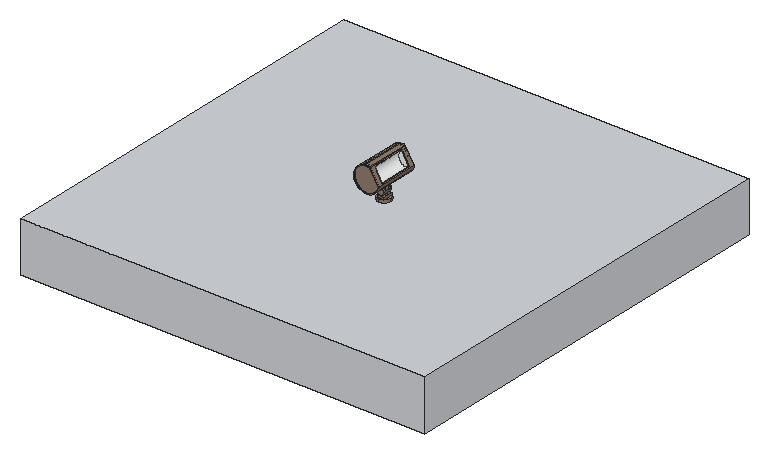
Revit family "Compact_Floodlights-CFL", category Lighting Fixtures, host Face, Revit 2013
Parameters (values of type "CFL")
  Product Page URL = "http://www.kimlighting.com/products/compact_floodlight"
  Product Documentation Link = "http://www.kimlighting.com/content/products/specs/specs_files/kl_cfl_led_spec.pdf"
  Photometric Web Link = "http://www.kimlighting.com/products/compact_floodlight"
  Photometric Notes = "More IES files download in the Photometric Web link"  # constant formula
  Manufacturer Phone = "626-968-5666"  # constant formula
  Manufacturer Fax = "626-369-2695"  # constant formula
  Light Bulb Visible = Light Bulb = 1  # yes
  Light Bulb = 1
  Light Angle = Angle + 60.00°  # 60.00°
  Y = Default Elevation + 0' 2" + 0' 5 1/2" * cos(Angle + 19.50°)  # 0' - 7.18453"
  X = 2' 0" + 0' 5 1/2" * sin(Angle + 19.50°)  # 2' - 1 107/128"
  Wattage Comments = "26 & 35  Watt Compact Floodlight"  # constant formula
  Wattage = 35 W
  built-in parameter 1150110 = 1 (stored number, unit not read)
  Voltage = 120 V
  URL = "http://www.kimlighting.com/"
  Type Comments = ""
  built-in parameter 1114217 = 1 (stored number, unit not read)
  Tilt Angle = Light Angle  # 60.00°
  built-in parameter 1150109 = 1 (stored number, unit not read)
  built-in parameter 1150134 = 3
  built-in parameter 1150113 = 1 (stored number, unit not read)
  Series = "Compact Floodlight"  # constant formula
  Power Factor = 1
  Photometric Web File = "CFL-NF-213K50.IES"
  OmniClass Title = "Lighting"  # constant formula
  Number of Poles = 1
  Note Visible = yes
  Note Text = "LF"  # constant formula
  Model = "CFL"  # constant formula
  MasterFormat Title = "Flood Lighting"  # constant formula
  Manufacturer = "KIM Lighting"  # constant formula
  built-in parameter 1150105 = 320.3 (stored number, unit not read)
  Lumens = 4025 lm
  built-in parameter 1150115 = 1 (stored number, unit not read)
  Light Source-Kim Lighting = Light Source-Kim Lighting
  built-in parameter 1150137 = (empty or 0)
  built-in parameter 1150139 = (empty or 0)
  built-in parameter 1150112 = 1 (stored number, unit not read)
  built-in parameter 1150114 = 1 (stored number, unit not read)
  Lamp = "LED"
  Initial Lumens = 810 lm
  built-in parameter 1150132 = (empty or 0)
  built-in parameter 1150102 = (empty or 0)
  built-in parameter 1150107 = 3200 (stored number, unit not read)
  built-in parameter 1150138 = (empty or 0)
  Inside Material = Aluminum-Kim Lighting-Reflective_Finish
  built-in parameter 1150106 = 3.203 (stored number, unit not read)
  Glass Material = Glass-Kim Lighting-Clear
  Full Load Current = 0 A
  Finish = "All colors shall be a Super TGIC powder coat paint. Optional white (WH) and custom colors available."
  built-in parameter 1150104 = 10.684 (stored number, unit not read)
  Dimming Lamp Color Temperature Shift = <None>
  Description = "Exterior Lighting"  # constant formula
  Default Elevation = 0' - 0"
  Outside Material = Metal-Kim Lighting-Bronze
  Color Filter = 16777215
  built-in parameter 1114218 = 1 (stored number, unit not read)
  built-in parameter 1150133 = 10 (stored number, unit not read)
  Assembly Code = "D5020200"
  Apparent Load = 50 VA
  Angle = 0.00°
Reference planes (in)
  plane 1 "Center (Front/Back)": y = 0
  plane 2: z = 0
  plane 3 "Center (Left/Right)": x = 0
  plane 4: z = 0
  plane 5: z = 7.18453
  plane 6: x = 1.83594
  plane 7: x = -24
  plane 8: y = 5.25
  plane 9: y = -5.25
Forms (in)
  Extrusion 1, solid
    sketch origin (0, 0, 0) x (1, 0, 0) y (0, 1, 0)
      loop
        line (-48, 48) -> (-48, -48) -> (48, -48) -> (48, 48) -> (-48, 48)
    from 0 to -12
  Sweep 2, solid, material "Metal-Kim Lighting-Bronze" <- "Outside Material"
    path in 3D
      loop
        line (0, 0, 0) -> (0, 0, 0.5)
    profile origin (0, 0, 0.25) x (-1, 0, 0) y (0, -1, 0)
      loop
        circle (0, 0) r 1.5
  Sweep 3, solid, material "Metal-Kim Lighting-Bronze" <- "Outside Material", detail levels medium+fine
    path in 3D
      loop
        line (0, -5.25, 6.37258) -> (0, 5.25, 6.37258)
    profile origin (0, 0, 6.37258) x (-1, 0, 0) y (0, 0, 1)
      loop
        line (0.57877, 2.94364) -> (0.52499, 2.85049)
        arc (0.52499, 2.85049) -> (2.51012, -1.44922) -> (-2.2061, -1.87991) r 2.89844
        line (-2.2061, -1.87991) -> (-2.25988, -1.97305)
        arc (-2.25988, -1.97305) -> (2.59808, -1.5) -> (0.57877, 2.94364) r 3
  Sweep 4, solid, material "Aluminum-Kim Lighting-Reflective_Finish" <- "Inside Material", detail levels medium+fine
    path in 3D
      loop
        line (0, -4, 6.37258) -> (0, 4, 6.37258)
    profile origin (0, 0, 6.37258) x (-1, 0, 0) y (0, 0, 1)
      loop
        line (-0.9653, 2.57804) -> (-0.98145, 2.55008)
        arc (-0.98145, 2.55008) -> (-0.35264, 0.20331) -> (-2.6994, -0.4255) r 1.71795
        line (-2.6994, -0.4255) -> (-2.7153, -0.45304)
        arc (-2.7153, -0.45304) -> (-0.32476, 0.1875) -> (-0.9653, 2.57804) r 1.75
  Sweep 5, solid, material "Glass-Kim Lighting-Clear" <- "Glass Material", detail levels medium+fine
    path in 3D
      loop
        line (0, -4, 6.37258) -> (0, 4, 6.37258)
    profile origin (0, 0, 6.37258) x (-1, 0, 0) y (0, 0, 1)
      loop
        line (-0.94762, 2.53054) -> (-0.98179, 2.55027) -> (-2.70725, -0.43831) -> (-2.67308, -0.45804) -> (-0.94762, 2.53054)
  Sweep 6, solid, material "Metal-Kim Lighting-Bronze" <- "Outside Material"
    path in 3D
      loop
        line (0, -0.6, 6.37258) -> (0, 0.1, 6.37258)
    profile origin (0, -0.25, 6.37258) x (-1, 0, 0) y (0, 0, 1)
      loop
        line (-0.75, -3) -> (-0.75, -4.5)
        arc (-0.75, -4.5) -> (0, -5.17784) -> (0.75, -4.5) r 0.75384
        line (0.75, -4.5) -> (0.75, -3) -> (-0.75, -3)
  Sweep 7, solid, material "Metal-Kim Lighting-Bronze" <- "Outside Material", detail levels medium+fine
    path in 3D
      loop
        line (0, -5.25, 6.37258) -> (0, -4.75, 6.37258)
    profile origin (0, -5, 6.37258) x (-1, 0, 0) y (0, 0, 1)
      loop
        arc (-2.79816, -0.7558) -> (2.51012, -1.44922) -> (-0.74454, 2.80118) r 2.89844
        line (-0.74454, 2.80118) -> (-2.79816, -0.7558)
  Sweep 8, solid, material "Metal-Kim Lighting-Bronze" <- "Outside Material", detail levels medium+fine
    path in 3D
      loop
        line (0, 1.10039, 2) -> (0, -1.02454, 2)
    profile origin (0, 0.03793, 2) x (1, 0, 0) y (0, 0, 1)
      loop
        circle (0, 0) r 0.76551
  Sweep 9, solid, material "Metal-Kim Lighting-Bronze" <- "Outside Material", detail levels fine
    path in 3D
      loop
        line (0, 1.10039, 2) -> (0, -1.02454, 2)
    profile origin (0, 0.03793, 2) x (1, 0, 0) y (0, 0, 1)
      loop
        line (0.8, -1.06517) -> (-0.8, -1.06517) -> (-0.8, -1.5) -> (0.8, -1.5) -> (0.8, -1.06517)
  Sweep 10, solid, material "Metal-Kim Lighting-Bronze" <- "Outside Material", detail levels medium+fine
    path in 3D
      loop
        line (0, 4.75, 6.37258) -> (0, 5.25, 6.37258)
    profile origin (0, 5, 6.37258) x (-1, 0, 0) y (0, 0, 1)
      loop
        arc (-2.80101, -0.76073) -> (2.51829, -1.43483) -> (-0.72514, 2.83478) r 2.90768
        line (-0.72514, 2.83478) -> (-2.80101, -0.76073)
  Sweep 11, solid, material "Metal-Kim Lighting-Bronze" <- "Outside Material", detail levels medium+fine
    path in 3D
      loop
        line (1.80647, 0, 7.41555) -> (1.77135, 0, 7.39527)
    profile origin (1.78891, 0, 7.40541) x (0.5, 0, -0.866025) y (0, -1, 0)
      loop
        line (2.12461, -5.25) -> (2.12461, 5.25) -> (-2.12539, 5.25) -> (-2.12539, -5.25) -> (2.12461, -5.25)
      loop
        line (1.75697, -4) -> (1.75697, 4) -> (-1.74303, 4) -> (-1.74303, -4) -> (1.75697, -4)
  Sweep 12, solid, material "Aluminum-Kim Lighting-Reflective_Finish" <- "Inside Material", detail levels medium+fine
    path in 3D
      loop
        line (0, -4.02187, 6.37258) -> (0, -3.9902, 6.37258)
    profile origin (0, -4.02187, 6.37258) x (-1, 0, 0) y (0, 0, 1)
      loop
        line (-0.9508, 2.52393) -> (-2.66119, -0.43854)
        arc (-2.66119, -0.43854) -> (-0.32476, 0.1875) -> (-0.9508, 2.52393) r 1.71039
  Sweep 13, solid, material "Aluminum-Kim Lighting-Reflective_Finish" <- "Inside Material", detail levels medium+fine
    path in 3D
      loop
        line (0, 3.97382, 6.37258) -> (0, 4.03729, 6.37258)
    profile origin (0, 4.00555, 6.37258) x (-1, 0, 0) y (0, 0, 1)
      loop
        line (-0.95487, 2.51798) -> (-2.66583, -0.44548)
        arc (-2.66583, -0.44548) -> (-0.32862, 0.18078) -> (-0.95487, 2.51798) r 1.71096
  Sweep 14, solid, material "Metal-Kim Lighting-Bronze", detail levels coarse
    path in 3D
      loop
        line (0, -5.25, 6.37258) -> (0, 5.25, 6.37258)
    profile origin (0, 0, 6.37258) x (-1, 0, 0) y (0, 0, 1)
      loop
        line (-0.77795, 2.90334) -> (-2.90334, -0.77795)
        arc (-2.90334, -0.77795) -> (2.59807, -1.5) -> (-0.77795, 2.90334) r 3.00337
  Sweep 15, solid, material "Metal-Kim Lighting-Bronze" <- "Outside Material", detail levels medium+fine
    path in 3D
      loop
        line (0, -5.25, 6.37258) -> (0, 5.25, 6.37258)
    profile origin (0, 0, 6.37258) x (-1, 0, 0) y (0, 0, 1)
      loop
        line (-0.77795, 2.90334) -> (-0.75166, 2.80524)
        arc (-0.75166, 2.80524) -> (-0.12653, 2.90086) -> (0.50448, 2.85885) r 2.9035
        line (0.50448, 2.85885) -> (0.55838, 2.95221)
        arc (0.55838, 2.95221) -> (-0.11254, 3.00305) -> (-0.77795, 2.90334) r 3.00506
      loop
        line (-2.80068, -0.7619) -> (-2.89879, -0.78819)
        arc (-2.89879, -0.78819) -> (-2.65144, -1.40404) -> (-2.27772, -1.95247) r 3.07496
        line (-2.27772, -1.95247) -> (-2.22372, -1.85894)
        arc (-2.22372, -1.85894) -> (-2.57, -1.34082) -> (-2.80068, -0.7619) r 2.9734
  Sweep 16, solid, material "Metal-Kim Lighting-Bronze" <- "Outside Material"
    path in 3D
      loop
        line (0, 0.75, 2) -> (0, 0, 2)
    profile origin (0, 0.375, 2) x (1, 0, 0) y (0, 0, 1)
      loop
        arc (0.8, -0.05593) -> (0, 0.80195) -> (-0.8, -0.05593) r 0.80195
        line (-0.8, -0.05593) -> (-0.8, -1.5) -> (0.8, -1.5) -> (0.8, -0.05593)
Cuts and joins
  joined: Sweep 3, Sweep 8, Sweep 15
Lines and regions (in)
  reference lines
    curve 1: line (0, 0, 0) -> (0, 0, 0.5)
    curve 3: line (0, 0, 0.5) -> (0, 0, 2)
    curve 4: line (0, 0, 2) -> (0, 0, 6.37258)
    curve 5: line (0, -5.25, 6.37258) -> (0, 5.25, 6.37258)
    curve 84: line (0, 1.10039, 2) -> (0, -1.02454, 2)
    curve 88: line (0, 0, 6.37258) -> (0.43301, 0, 6.62258)
  sketch lines
    curve 2: line (0, 0, 0) -> (0, 0, 0.5)
    curve 6: line (0, -5.25, 6.37258) -> (0, 5.25, 6.37258)
    curve 7: line (0, -4, 6.37258) -> (0, 4, 6.37258)
    curve 8: line (0, -4, 6.37258) -> (0, 4, 6.37258)
    curve 9: line (0, -0.6, 6.37258) -> (0, 0.1, 6.37258)
    curve 10: line (0, -5.25, 6.37258) -> (0, -4.75, 6.37258)
    curve 13: line (0, 4.75, 6.37258) -> (0, 5.25, 6.37258)
    curve 14: line (0, -4.02187, 6.37258) -> (0, -3.9902, 6.37258)
    curve 15: line (0, 3.97382, 6.37258) -> (0, 4.03729, 6.37258)
    curve 16: line (0, -5.25, 6.37258) -> (0, 5.25, 6.37258)
    curve 83: line (0, -5.25, 6.37258) -> (0, 5.25, 6.37258)
    curve 85: line (0, 1.10039, 2) -> (0, -1.02454, 2)
    curve 86: line (0, 0.75, 2) -> (0, 0, 2)
    curve 87: line (0, 1.10039, 2) -> (0, -1.02454, 2)
    curve 89: line (1.80647, 0, 7.41555) -> (1.77135, 0, 7.39527)
  model lines, detail levels fine
    curve 11: line (-0.57525, 5.25, 9.31011) -> (2.25636, 5.25, 4.40563)
    curve 12: line (-0.58117, -5.25, 9.32037) -> (2.25636, -5.25, 4.40563)
  symbolic lines
    curve 17: line (-0.81371, 5.25, 0) -> (4.31129, 5.25, 0)
    curve 18: line (-0.81371, -5.25, 0) -> (-0.81371, 5.25, 0)
    curve 19: line (4.31129, -5.25, 0) -> (-0.81371, -5.25, 0)
    curve 20: line (4.31129, 5.25, 0) -> (4.31129, -5.25, 0)
    curve 28: line (-0.8, 5.25, 8.79014) -> (-0.8, -5.25, 8.79014)
    curve 29: line (-0.8, 5.25, 2.78339) -> (-0.8, 5.25, 8.79014)
    curve 30: line (-0.8, -5.25, 2.78339) -> (-0.8, 5.25, 2.78339)
    curve 31: line (-0.8, -5.25, 8.79014) -> (-0.8, -5.25, 2.78339)
  symbolic lines, detail levels coarse
    curve 21: line (-0.81371, 2.95171, 0) -> (4.31129, -5.25, 0)
    curve 22: line (4.31129, 5.25, 0) -> (-0.81371, -2.95171, 0)
    curve 33: line (-0.8, 5.25, 8.79014) -> (-0.8, -5.25, 2.78339)
    curve 34: line (-0.8, -5.25, 8.79014) -> (-0.8, 5.25, 2.78339)
    curve 47: line (-0.8, 0, 2.78339) -> (-0.8, 0.85097, 0)
    curve 48: line (-0.8, 0, 2.78339) -> (-0.8, -0.85097, 0)
    curve 49: line (-0.8, 0.85097, 0) -> (-0.8, -0.85097, 0)
    curve 63: line (0.41892, -5.25, 9.89777) -> (-4.07069, -5.25, 7.30569)
    curve 64: line (3.25645, -5.25, 4.98303) -> (0.41892, -5.25, 9.89777)
    curve 65: line (-1.23317, -5.25, 2.39095) -> (3.25645, -5.25, 4.98303)
    curve 66: line (-4.07069, -5.25, 7.30569) -> (-1.23317, -5.25, 2.39095)
    curve 67: line (0.41892, -5.25, 9.89777) -> (-2.11742, -5.25, 3.92253)
    curve 68: line (3.25645, -5.25, 4.98303) -> (-3.18644, -5.25, 5.77412)
    curve 69: line (0.03677, 0, 3.56369) -> (1.01754, 0, 0)
    curve 70: line (0.03677, 0, 3.56369) -> (-1.01754, 0, 0)
    curve 90: line (-1.01754, -1.02454, 0) -> (1.01754, -1.02454, 0)
  symbolic lines, detail levels medium+fine
    curve 23: arc (-0.81371, 1.68923, 0) -> (-1.875, 0, 0) -> (-0.81371, -1.68923, 0) r 1.875
    curve 24: line (3.17188, 4.03729, 0) -> (4.31129, 4.03729, 0)
    curve 25: line (3.17188, 4.03729, 0) -> (3.17188, -4.02187, 0)
    curve 26: line (3.17188, -4.02187, 0) -> (4.31129, -4.02187, 0)
    curve 32: line (-0.8, 0.75, 2.78339) -> (-0.8, -0.6, 2.78339)
    curve 35: line (-0.8, 0, 1.23449) -> (-0.8, -0.6, 1.23449)
    curve 36: line (-0.8, -0.6, 1.23449) -> (-0.8, -0.6, 2.78339)
    curve 37: line (-0.8, 4, 7.53676) -> (-0.8, -3.9902, 7.53676)
    curve 38: line (-0.8, 4, 4.07638) -> (-0.8, 4, 7.53676)
    curve 39: line (-0.8, -3.9902, 4.07638) -> (-0.8, 4, 4.07638)
    curve 40: line (-0.8, -3.9902, 7.53676) -> (-0.8, -3.9902, 4.07638)
    curve 43: line (-0.8, 1.875, 0.5) -> (-0.8, -1.875, 0.5)
    curve 44: line (-0.8, 1.875, 0) -> (-0.8, 1.875, 0.5)
    curve 45: line (-0.8, -1.875, 0) -> (-0.8, 1.875, 0)
    curve 46: line (-0.8, -1.875, 0.5) -> (-0.8, -1.875, 0)
    curve 50: line (-0.8, 0.75, 2.78339) -> (-0.8, 0.75, 0.5)
    curve 51: line (-0.8, 0, 0.93483) -> (-0.8, 0, 2.78339)
    curve 71: line (0.77795, -5.25, 9.27592) -> (2.90334, -5.25, 5.59463)
    curve 72: arc (0.77795, -5.25, 9.27592) -> (-2.59807, -5.25, 4.87258) -> (2.90334, -5.25, 5.59463) r 3.00337
    curve 73: line (1.49916, 0.75, 0.5) -> (-1.50002, 0.75, 0.5)
    curve 74: line (1.49916, 0.75, 0) -> (1.49916, 0.75, 0.5)
    curve 75: line (-1.50002, 0.75, 0) -> (1.49916, 0.75, 0)
    curve 76: line (-1.50002, 0.75, 0.5) -> (-1.50002, 0.75, 0)
    curve 77: line (0.75, -5.25, 3.46529) -> (0.75, -5.25, 2.30096)
    curve 78: line (0.8, 0, 1.88564) -> (0.8, 0, 0.5)
    curve 79: line (-0.8, 0, 1.94407) -> (-0.8, 0, 0.5)
    curve 80: circle (0, 0, 2) r 0.80195 normal (0, -1, 0)
    curve 81: line (-0.75488, -5.25, 3.46807) -> (-0.75488, -5.25, 2.27072)
  symbolic lines, detail levels fine
    curve 27: line (2.18629, 5.25, 0) -> (2.18629, -5.25, 0)
    curve 41: line (-0.8, 5.25, 7.91216) -> (-0.8, -5.25, 7.91216)
    curve 42: line (-0.8, 5.25, 3.72745) -> (-0.8, -5.25, 3.72745)
    curve 55: line (-0.8, 0.75, 0.93483) -> (-0.8, -0.6, 0.93483)
    curve 56: line (-0.8, -0.6, 0.93483) -> (-0.8, -0.6, 0.5)
    curve 57: line (-0.8, -0.6, 1.23449) -> (-0.8, -0.89961, 1.23449)
    curve 58: line (-0.8, -0.89961, 1.23449) -> (-0.8, -0.89961, 2.78339)
    curve 59: line (-0.8, 0.75, 2.78339) -> (-0.8, 1.10039, 2.78339)
    curve 60: line (-0.8, 1.10039, 1.23449) -> (-0.8, 0.75, 1.23449)
    curve 61: line (-0.8, 1.10039, 1.23449) -> (-0.8, 1.10039, 2.78339)
    curve 82: line (-0.58113, -5.25, 9.3203) -> (2.25636, -5.25, 4.40563)
  symbolic lines, detail levels medium
    curve 52: line (-0.8, 1.875, 0.5) -> (-0.8, 1.875, 0)
    curve 53: line (-0.8, 1.875, 0) -> (-0.8, -1.875, 0)
    curve 54: line (-0.8, -1.875, 0.5) -> (-0.8, 1.875, 0.5)
    curve 62: line (-0.8, 0, 0.93483) -> (-0.8, 0, 0.5)
Dimensions and locks (in)
  "Default Elevation": plane 2 to plane 4
  "Y": plane 2 to plane 5
  "X": plane 7 to plane 6
  locked: curve 84 to Extrusion 1 at 2
  locked: Sweep 6 to curve 84 at 1.37258
  locked: curve 5 to curve 84 at 4.37258
  locked: curve 5 to Sweep 11 at 2.08594
  "Angle": angle curve 4 to plane 3 "Center (Left/Right)"
  "Light Angle": angle imposter light to plane 6
  aligned and locked: plane 2 to Extrusion 1
  aligned and locked: level to Extrusion 1
  aligned and locked: curve 90 to level
Automatic sketch dimensions
  Extrusion 1 sketch curve to Extrusion 1 sketch curve = 8' - 0"  (x2)
  Sweep 8 sketch curve to profile plane = 0' - 0"  (x2)
  Sweep 9 sketch curve to profile plane = 0' - 1.06517"
  Sweep 9 sketch curve to profile plane = 0' - 0.8"
  Sweep 9 sketch curve to profile plane = 0' - 1 1/2"
  profile plane to Sweep 9 sketch curve = 0' - 0.8"
  curve 23 to plane 1 "Center (Front/Back)" = 0' - 0"
  curve 23 to plane 3 "Center (Left/Right)" = 0' - 0"
  curve 21 to plane 3 "Center (Left/Right)" = 0' - 0.81371"
  curve 27 to curve 25 = 0' - 0.98559"
  curve 24 to curve 24 = 0' - 1.13941"
  plane 1 "Center (Front/Back)" to curve 23 = 0' - 1.68923"
  curve 22 to curve 23 = 0' - 1.26248"
  plane 1 "Center (Front/Back)" to curve 26 = 0' - 4.02187"
  curve 21 to curve 26 = 0' - 1.22813"
  curve 23 to curve 21 = 0' - 1.26248"
  curve 24 to plane 1 "Center (Front/Back)" = 0' - 4.03729"
  curve 24 to curve 22 = 0' - 1.21271"
  Sweep 2 sketch curve to profile plane = 0' - 0"  (x2)
  curve 1 to plane 3 "Center (Left/Right)" = 0' - 0"
  curve 1 to plane 4 = 0' - 0"
  plane 4 to curve 3 = 0' - 0 1/2"
  curve 84 to plane 3 "Center (Left/Right)" = 0' - 0"
  curve 84 to plane 1 "Center (Front/Back)" = 0' - 1.10039"
  plane 1 "Center (Front/Back)" to curve 84 = 0' - 1.02454"
  Sweep 16 sketch curve to profile plane = 0' - 0"  (x2)
  Sweep 16 sketch curve to profile plane = 0' - 0.05593"
  profile plane to Sweep 16 sketch curve = 0' - 0.8"
  Sweep 16 sketch curve to profile plane = 0' - 0.8"
  Sweep 16 sketch curve to Sweep 16 sketch curve = 0' - 1.44407"
  Sweep 16 to curve 70 = 0' - 0.21754"
  Sweep 16 to curve 70 = 0' - 0 1/2"
  curve 70 to Sweep 16 = 0' - 0.76323"
  curve 70 to Sweep 16 = 0' - 3.06369"
  Sweep 16 to curve 69 = 0' - 0.21754"
  Sweep 16 to curve 69 = 0' - 0 1/2"
  curve 75 to plane 4 = 0' - 0"
  plane 4 to curve 74 = 0' - 0 1/2"
  curve 73 to plane 3 "Center (Left/Right)" = 0' - 1 1/2"
  plane 3 "Center (Left/Right)" to curve 75 = 0' - 1.49916"
  curve 79 to Sweep 16 = 0' - 0"  (x2)
  curve 78 to Sweep 16 = 0' - 0"  (x2)
  curve 78 to curve 80 = 0' - 0.11436"
  curve 59 to Sweep 9 = 0' - 0"
  curve 61 to Sweep 9 = 0' - 0"
  curve 45 to Sweep 9 = 0' - 0.77461"
  curve 39 to Sweep 9 = 0' - 2.89961"
  curve 33 to curve 37 = 0' - 1 1/4"
  Sweep 9 to curve 49 = 0' - 0.24943"
  curve 47 to curve 49 = 0' - 0"
  curve 59 to curve 59 = 0' - 0.35039"
  curve 32 to curve 51 = 0' - 0 3/4"
  curve 48 to curve 51 = 0' - 0"
  curve 47 to curve 51 = 0' - 0"
  curve 56 to curve 36 = 0' - 0"
  Sweep 9 to curve 48 = 0' - 0.17357"
  curve 49 to curve 48 = 0' - 0"
  Sweep 9 to curve 57 = 0' - 0.12493"
  curve 46 to Sweep 9 = 0' - 0.85046"
  curve 40 to Sweep 9 = 0' - 2.96567"
  curve 37 to curve 28 = 0' - 1.2598"
  curve 45 to Sweep 9 = 0' - 0 1/2"
  curve 49 to curve 47 = 0' - 0"
  curve 48 to curve 62 = 0' - 0 1/2"
  curve 62 to curve 62 = 0' - 0.43483"
  curve 56 to curve 55 = 0' - 0.43483"
  curve 55 to curve 60 = 0' - 0.29966"
  curve 55 to curve 57 = 0' - 0.29966"
  curve 35 to curve 36 = 0' - 1.5489"
  curve 61 to curve 59 = 0' - 0"
  curve 29 to curve 42 = 0' - 0.94406"
  curve 42 to curve 39 = 0' - 0.34893"
  curve 39 to curve 40 = 0' - 3.46039"
  curve 37 to curve 41 = 0' - 0.37539"
  curve 41 to curve 33 = 0' - 0.87798"
  curve 36 to curve 57 = 0' - 0.29961"
  plane 3 "Center (Left/Right)" to curve 27 = 0' - 2.18629"
  curve 5 to plane 1 "Center (Front/Back)" = 0' - 5 1/4"
  plane 1 "Center (Front/Back)" to curve 5 = 0' - 5 1/4"
  Sweep 3 sketch curve to Sweep 3 sketch curve = 0' - 0"  (x2)
  Sweep 3 sketch curve to profile plane = 0' - 0"  (x2)
  profile plane to Sweep 3 sketch curve = 0' - 2.2061"
  Sweep 3 sketch curve to Sweep 3 sketch curve = 0' - 0.05378"  (x2)
  Sweep 3 sketch curve to profile plane = 0' - 0.52499"
  Sweep 3 sketch curve to profile plane = 0' - 1.87991"
  Sweep 3 sketch curve to Sweep 3 sketch curve = 0' - 0.09315"
  Sweep 4 sketch curve to profile plane = 0' - 0.45304"
  profile plane to Sweep 4 sketch curve = 0' - 2.7153"
  Sweep 4 sketch curve to Sweep 4 sketch curve = 0' - 0.0159"
  profile plane to Sweep 4 sketch curve = 0' - 1.06229"
  Sweep 4 sketch curve to Sweep 4 sketch curve = 0' - 0.85897"
  Sweep 4 sketch curve to Sweep 4 sketch curve = 0' - 0.00012"
  profile plane to Sweep 4 sketch curve = 0' - 0.98145"
  Sweep 4 sketch curve to Sweep 4 sketch curve = 0' - 0.01615"
  Sweep 4 sketch curve to Sweep 4 sketch curve = 0' - 0.02755"
  Sweep 4 sketch curve to Sweep 4 sketch curve = 0' - 0.00021"
  Sweep 5 sketch curve to profile plane = 0' - 0.43831"
  profile plane to Sweep 5 sketch curve = 0' - 2.70725"
  Sweep 5 sketch curve to profile plane = 0' - 0.45804"
  Sweep 5 sketch curve to Sweep 5 sketch curve = 0' - 0.03417"
  profile plane to Sweep 5 sketch curve = 0' - 0.98179"
  Sweep 6 sketch curve to profile plane = 0' - 0"
  profile plane to Sweep 6 sketch curve = 0' - 0 3/4"
  Sweep 6 sketch curve to profile plane = 0' - 0 3/4"
  Sweep 6 sketch curve to profile plane = 0' - 4 1/2"
  Sweep 6 sketch curve to Sweep 6 sketch curve = 0' - 0.07601"
  Sweep 6 sketch curve to Sweep 6 sketch curve = 0' - 1 1/2"
  Sweep 7 sketch curve to profile plane = 0' - 0"  (x2)
  profile plane to Sweep 7 sketch curve = 0' - 0.74454"
  Sweep 7 sketch curve to profile plane = 0' - 0.7558"
  profile plane to Sweep 7 sketch curve = 0' - 2.79816"
  Sweep 10 sketch curve to profile plane = 0' - 0.76073"
  profile plane to Sweep 10 sketch curve = 0' - 2.80101"
  profile plane to Sweep 10 sketch curve = 0' - 0.72514"
  Sweep 10 sketch curve to profile plane = 0' - 0.00017"
  profile plane to Sweep 10 sketch curve = 0' - 0.01901"
  curve 63 to curve 68 = 0' - 0.88425"
  curve 68 to curve 67 = 0' - 1.06902"
  curve 67 to curve 65 = 0' - 0.88425"
  curve 63 to curve 12 = 0' - 3.48952"
  curve 12 to curve 67 = 0' - 1.00009"
  curve 11 to curve 11 = 0' - 2.8316"
  Sweep 12 sketch curve to profile plane = 0' - 0.43854"
  profile plane to Sweep 12 sketch curve = 0' - 2.66119"
  Sweep 12 sketch curve to Sweep 12 sketch curve = 0' - 0.85519"
  profile plane to Sweep 12 sketch curve = 0' - 0.9508"
  profile plane to Sweep 12 sketch curve = 0' - 1.04269"
  Sweep 13 sketch curve to profile plane = 0' - 0.44548"
  profile plane to Sweep 13 sketch curve = 0' - 2.66583"
  Sweep 13 sketch curve to Sweep 13 sketch curve = 0' - 0 219/256"
  profile plane to Sweep 13 sketch curve = 0' - 0.95487"
  profile plane to Sweep 13 sketch curve = 0' - 1.03625"
  Sweep 14 sketch curve to profile plane = 0' - 0.77795"
  profile plane to Sweep 14 sketch curve = 0' - 2.90334"
  profile plane to Sweep 14 sketch curve = 0' - 0.77795"
  profile plane to Sweep 14 sketch curve = 0' - 0.00292"
  profile plane to Sweep 14 sketch curve = 0' - 0.00169"
  Sweep 15 sketch curve to Sweep 15 sketch curve = 0' - 0"  (x4)
  Sweep 15 sketch curve to profile plane = 0' - 0.78819"
  profile plane to Sweep 15 sketch curve = 0' - 2.89879"
  Sweep 15 sketch curve to Sweep 15 sketch curve = 0' - 0.09811"
  Sweep 15 sketch curve to profile plane = 0' - 1.95247"
  Sweep 15 sketch curve to Sweep 15 sketch curve = 0' - 0.52296"
  Sweep 15 sketch curve to profile plane = 0' - 1.85894"
  Sweep 15 sketch curve to Sweep 15 sketch curve = 0' - 0.054"
  profile plane to Sweep 15 sketch curve = 0' - 0.77795"
  Sweep 15 sketch curve to Sweep 15 sketch curve = 0' - 0.02629"
  Sweep 15 sketch curve to profile plane = 0' - 0"
  profile plane to Sweep 15 sketch curve = 0' - 0.00271"
  profile plane to Sweep 15 sketch curve = 0' - 0.04322"
  Sweep 15 sketch curve to profile plane = 0' - 0.50448"
  Sweep 15 sketch curve to Sweep 15 sketch curve = 0' - 0.0539"
  profile plane to Sweep 15 sketch curve = 0' - 2.80524"
  Sweep 15 sketch curve to Sweep 15 sketch curve = 0' - 0.0981"
  profile plane to Sweep 11 sketch curve = 0' - 2.12539"
  profile plane to Sweep 11 sketch curve = 0' - 1.74303"
  Sweep 11 sketch curve to profile plane = 0' - 1.75697"
  Sweep 11 sketch curve to Sweep 11 sketch curve = 0' - 0.36763"
  Sweep 11 sketch curve to profile plane = 0' - 5 1/4"
  Sweep 11 sketch curve to Sweep 11 sketch curve = 0' - 1 1/4"  (x2)
  profile plane to Sweep 11 sketch curve = 0' - 4"
  curve 4 to curve 88 = 0' - 0 1/4"
  curve 88 to curve 4 = 0' - 0"  (x2)
  curve 1 to curve 4 = 0' - 1 1/2"
  Sweep 9 to curve 90 = 0' - 0.21754"  (x2)
  curve 11 to Sweep 10 = 0' - 1.07479"
  curve 11 to curve 11 = 0' - 4.90448"
  curve 82 to Sweep 3 = 0' - 0"
  curve 81 to curve 82 = 0' - 0.17375"
  curve 82 to curve 72 = 0' - 0.58406"
  curve 81 to curve 82 = 0' - 3.01123"
  curve 77 to curve 82 = 0' - 1.50636"
  curve 72 to curve 72 = 0' - 0.77502"
  curve 72 to curve 71 = 0' - 2.90042"
  curve 72 to curve 82 = 0' - 2.94604"
  curve 77 to curve 82 = 0' - 0.94034"
  curve 77 to curve 82 = 0' - 2.10467"
  curve 81 to curve 81 = 0' - 1.19735"
  curve 63 to Sweep 7 = 0' - 5.10414"
  curve 68 to curve 63 = 0' - 1.53157"
  curve 88 to curve 4 = 0' - 0.43301"
  radius of Sweep 8 sketch curve = 0' - 0.76551"
  radius of Sweep 2 sketch curve = 0' - 1 1/2"
  radius of curve 80 to Sweep 16 = 0' - 0"
Nested families (in)
  nested 1: "Notation" at (1.47217, 0.3257, 0) x (0, -1, 0) z (0, 0, 1), type "Notation", detail levels coarse
Connectors (in)
  electrical at (0, 0, 0.5), driven by "Power Factor", driven by "Apparent Load", driven by "Voltage", driven by "Number of Poles", driven by "Apparent Load"
    settings: on Sweep 2, index 1, voltage 120 V, apparent load 50 VA, apparent load phase1 50 VA, apparent load phase2 0 VA, apparent load phase3 0 VA, power factor 1, load classification "Lighting", number of poles 1, system type 30, power factor state 1, is connector primary yes, connector utility no, sub classification motor no, connector description "Lighting Connector"
Definition of nested family "Notation"
  Parameters (values of type "Notation")
    Notation = "LF"
  Reference planes (in)
    plane 1: y = 0
    plane 2: x = 0
  Text (in)
    label "Notation" at (0.02149, 0.07192, 0), shows "Notation"
